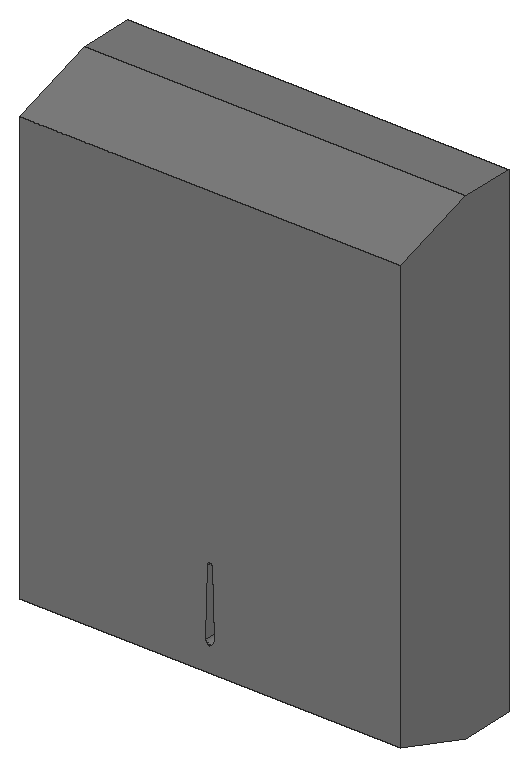
Revit family "RBA1656-100", category Plumbing Fixtures, Revit 2021
Family settings
  Round Connector Dimension = Use Diameter
  Part Type = Normal
  Work Plane-Based = No
  Always vertical = Yes
  Cut with Voids When Loaded = No
  Shared = No
  Room Calculation Point = No
Parameters
  URL = "www.rba.com.au"
  Model = "RBA1656-100"
  Materials & Finishes = PVD Gunmetal Finish
  Manufacturer = "RBA Group"
  Description = "Paper Towel Dispenser PVD Gunmetal"
  Default Elevation = 0 mm
Reference planes
  plane 1 "Center (Front/Back)": y = 0
  plane 2: z = 0
  plane 3 "Center (Left/Right)": x = 0
Forms (mm)
  Extrusion 1, solid, material "PVD Gunmetal Finish" <- "Materials & Finishes"
    sketch origin (0, 50, 0) x (0, -1, 0) y (0, 0, -1)
      loop
        line (0, 0) -> (0, -360) -> (40, -360) -> (100, -340) -> (100, -20) -> (40, 0) -> (0, 0)
    from -141 to 141
  Extrusion 2, void
    sketch origin (0, -40, 0) x (1, 0, 0) y (0, 0, -1)
      loop
        line (1.749, -91.85) -> (2.999, -41.881)
        arc (2.999, -41.881) -> (0, -38.806) -> (-2.999, -41.881) r 3
        line (-2.999, -41.881) -> (-1.749, -91.85)
        arc (-1.749, -91.85) -> (0, -93.556) -> (1.749, -91.85) r 1.75
    from 0 to -10
Cuts and joins
  Extrusion 2 cuts Extrusion 1
Dimensions and locks
  aligned and locked: level to plane 2
